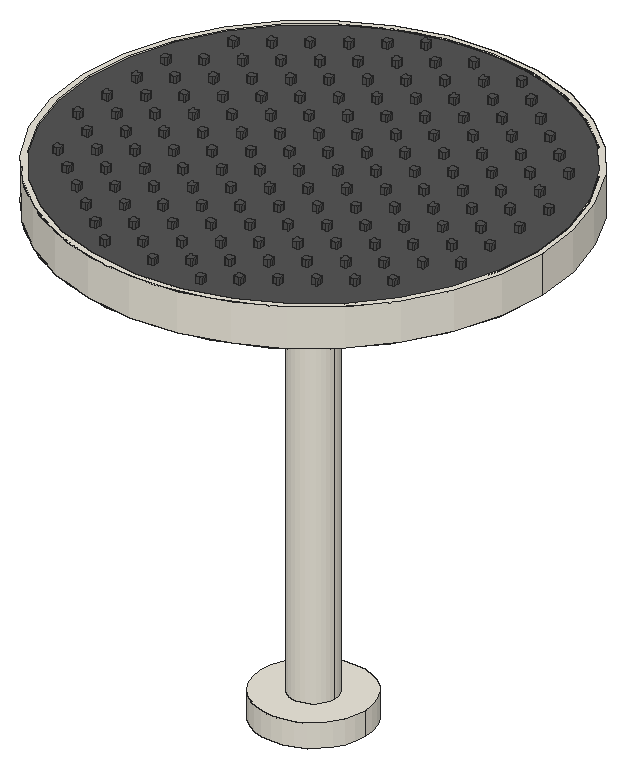
Revit family "Deca_Chuveiro Redondo de Teto_Flex Max_2085-TET", category Plumbing Fixtures, host Face, Revit 2020 (continued)
Lines and regions (m)
  symbolic lines, style "PlumbingFixtures"
    curve 123: line (-0.051947, 0.024249, 0.239079) -> (-0.049049, 0.024249, 0.239003)
    curve 124: line (-0.049049, 0.024249, 0.239003) -> (-0.048832, 0.024249, 0.237331)
    curve 125: line (-0.056732, 0.024249, 0.237333) -> (-0.060179, 0.024249, 0.237334)
    curve 126: line (-0.060179, 0.024249, 0.237334) -> (-0.059847, 0.024249, 0.239082)
    curve 127: line (-0.059847, 0.024249, 0.239082) -> (-0.056949, 0.024249, 0.239006)
    curve 128: line (-0.056949, 0.024249, 0.239006) -> (-0.056732, 0.024249, 0.237333)
    curve 129: line (-0.064632, 0.024249, 0.237336) -> (-0.068079, 0.024249, 0.237337)
    curve 130: line (-0.068079, 0.024249, 0.237337) -> (-0.067747, 0.024249, 0.239084)
    curve 131: line (-0.067747, 0.024249, 0.239084) -> (-0.064849, 0.024249, 0.239008)
    curve 132: line (-0.064849, 0.024249, 0.239008) -> (-0.064632, 0.024249, 0.237336)
    curve 133: line (-0.072532, 0.024249, 0.237338) -> (-0.075979, 0.024249, 0.237339)
    curve 134: line (-0.075979, 0.024249, 0.237339) -> (-0.075647, 0.024249, 0.239087)
    curve 135: line (-0.075647, 0.024249, 0.239087) -> (-0.072749, 0.024249, 0.239011)
    curve 136: line (-0.072749, 0.024249, 0.239011) -> (-0.072532, 0.024249, 0.237338)
    curve 137: line (-0.080432, 0.024249, 0.23734) -> (-0.083879, 0.024249, 0.237341)
    curve 138: line (-0.083879, 0.024249, 0.237341) -> (-0.083547, 0.024249, 0.239088)
    curve 139: line (-0.083547, 0.024249, 0.239088) -> (-0.080649, 0.024249, 0.239013)
    curve 140: line (-0.080649, 0.024249, 0.239013) -> (-0.080432, 0.024249, 0.23734)
    curve 141: line (-0.088331, 0.024249, 0.237343) -> (-0.091778, 0.024249, 0.237344)
    curve 142: line (-0.091778, 0.024249, 0.237344) -> (-0.091446, 0.024249, 0.239092)
    curve 143: line (-0.091446, 0.024249, 0.239092) -> (-0.088548, 0.024249, 0.239016)
    curve 144: line (-0.088548, 0.024249, 0.239016) -> (-0.088331, 0.024249, 0.237343)
    curve 145: arc (0.000397, 0.02087, 0.192928) -> (0.000397, 0.024219, 0.193074) -> (0.000397, 0.027569, 0.19293) r 0.03868
    curve 146: arc (0.000397, 0.005746, 0.217303) -> (0.000397, 0.006026, 0.207837) -> (0.000397, 0.006598, 0.198385) r 0.306482
    curve 147: arc (0.000397, 0.006598, 0.198385) -> (0.000397, 0.007232, 0.19707) -> (0.000397, 0.008591, 0.196537) r 0.001999
    curve 148: arc (0.000397, 0.039806, 0.196542) -> (0.000397, 0.041191, 0.19706) -> (0.000397, 0.041839, 0.198389) r 0.001998
    curve 149: arc (0.000397, 0.041839, 0.198389) -> (0.000397, 0.042408, 0.207844) -> (0.000397, 0.042687, 0.217313) r 0.308933
    curve 150: line (0.000397, -0.085624, 0.218618) -> (0.000397, -0.085936, 0.236275)
    curve 151: line (0.000397, -0.085936, 0.236275) -> (0.000397, 0.13404, 0.23631)
    curve 152: line (0.000397, 0.13404, 0.23631) -> (0.000397, 0.133738, 0.218895)
    curve 153: line (0.000397, 0.133738, 0.218895) -> (0.000397, 0.094436, 0.218116)
    curve 154: line (0.000397, 0.094436, 0.218116) -> (0.000397, 0.065687, 0.217749)
    curve 155: line (0.000397, 0.065687, 0.217749) -> (0.000397, 0.054184, 0.2176)
    curve 156: line (0.000397, 0.054184, 0.2176) -> (0.000397, 0.042651, 0.217512)
    curve 157: line (0.000397, 0.042651, 0.217512) -> (0.000397, 0.005782, 0.217506)
    curve 158: line (0.000397, 0.005782, 0.217506) -> (0.000397, -0.011508, 0.217654)
    curve 159: line (0.000397, -0.011508, 0.217654) -> (0.000397, -0.020138, 0.217782)
    curve 160: line (0.000397, -0.020138, 0.217782) -> (0.000397, -0.028799, 0.217962)
    curve 161: line (0.000397, -0.028799, 0.217962) -> (0.000397, -0.085624, 0.218618)
    curve 162: line (0.000397, 0.015231, 0.193645) -> (0.000397, 0.033205, 0.193648)
    curve 163: line (0.000397, 0.033205, 0.193648) -> (0.000397, 0.035702, 0.192934)
    curve 164: line (0.000397, 0.035702, 0.192934) -> (0.000397, 0.035736, 0.177895)
    curve 165: line (0.000397, 0.035736, 0.177895) -> (0.000397, 0.012699, 0.177891)
    curve 166: line (0.000397, 0.012699, 0.177891) -> (0.000397, 0.012736, 0.192929)
    curve 167: line (0.000397, 0.012736, 0.192929) -> (0.000397, 0.015231, 0.193645)
    curve 168: line (0.000397, 0.015231, 0.193645) -> (0.000397, 0.015231, 0.196105)
    curve 169: line (0.000397, 0.015231, 0.196105) -> (0.000397, 0.024219, 0.196107)
    curve 170: line (0.000397, 0.024219, 0.196107) -> (0.000397, 0.033206, 0.196108)
    curve 171: line (0.000397, 0.033206, 0.196108) -> (0.000397, 0.033206, 0.193647)
    curve 172: line (0.000397, 0.012736, 0.192929) -> (0.000397, 0.02087, 0.19293)
    curve 173: line (0.000397, 0.02087, 0.19293) -> (0.000397, 0.02087, 0.187936)
    curve 174: line (0.000397, 0.02087, 0.187936) -> (0.000397, 0.027569, 0.187937)
    curve 175: line (0.000397, 0.027569, 0.187937) -> (0.000397, 0.027568, 0.19293)
    curve 176: line (0.000397, 0.027568, 0.19293) -> (0.000397, 0.035702, 0.192931)
    curve 177: line (0.000397, 0.008591, 0.196537) -> (0.000397, 0.024154, 0.19654)
    curve 178: line (0.000397, 0.024219, 0.196539) -> (0.000397, 0.039806, 0.196542)
    curve 179: line (0.000397, 0.013924, 0.010999) -> (0.000397, 0.013903, 0.145521)
    curve 180: line (0.000397, 0.013903, 0.145521) -> (0.000397, 0.013898, 0.176522)
    curve 181: line (0.000397, 0.013898, 0.176522) -> (0.000397, 0.013397, 0.177891)
    curve 182: line (0.000397, 0.034574, 0.011002) -> (0.000397, 0.034553, 0.145524)
    curve 183: line (0.000397, 0.034553, 0.145524) -> (0.000397, 0.034548, 0.176525)
    curve 184: line (0.000397, 0.034548, 0.176525) -> (0.000397, 0.035053, 0.177895)
    curve 185: line (0.000397, 0.034548, 0.176525) -> (0.000397, 0.013898, 0.176522)
    curve 186: line (0.000397, 0.088832, 0.236304) -> (0.000397, 0.085387, 0.236304)
    curve 187: line (0.000397, 0.085387, 0.236304) -> (0.000397, 0.085716, 0.238051)
    curve 188: line (0.000397, 0.085716, 0.238051) -> (0.000397, 0.088614, 0.237977)
    curve 189: line (0.000397, 0.088614, 0.237977) -> (0.000397, 0.088832, 0.236304)
    curve 190: line (0.000397, 0.080878, 0.236303) -> (0.000397, 0.077433, 0.236302)
    curve 191: line (0.000397, 0.077433, 0.236302) -> (0.000397, 0.077762, 0.23805)
    curve 192: line (0.000397, 0.077762, 0.23805) -> (0.000397, 0.08066, 0.237975)
    curve 193: line (0.000397, 0.08066, 0.237975) -> (0.000397, 0.080878, 0.236303)
    curve 194: line (0.000397, 0.072924, 0.236302) -> (0.000397, 0.069479, 0.236301)
    curve 195: line (0.000397, 0.069479, 0.236301) -> (0.000397, 0.069808, 0.238048)
    curve 196: line (0.000397, 0.069808, 0.238048) -> (0.000397, 0.072706, 0.237974)
    curve 197: line (0.000397, 0.072706, 0.237974) -> (0.000397, 0.072924, 0.236302)
    curve 198: line (0.000397, 0.06497, 0.2363) -> (0.000397, 0.061525, 0.2363)
    curve 199: line (0.000397, 0.061525, 0.2363) -> (0.000397, 0.061854, 0.238047)
    curve 200: line (0.000397, 0.061854, 0.238047) -> (0.000397, 0.064752, 0.237973)
    curve 201: line (0.000397, 0.064752, 0.237973) -> (0.000397, 0.06497, 0.2363)
    curve 202: line (0.000397, 0.057016, 0.236299) -> (0.000397, 0.053571, 0.236299)
    curve 203: line (0.000397, 0.053571, 0.236299) -> (0.000397, 0.0539, 0.238046)
    curve 204: line (0.000397, 0.0539, 0.238046) -> (0.000397, 0.056798, 0.237972)
    curve 205: line (0.000397, 0.056798, 0.237972) -> (0.000397, 0.057016, 0.236299)
    curve 206: line (0.000397, 0.049062, 0.236298) -> (0.000397, 0.045617, 0.236297)
    curve 207: line (0.000397, 0.045617, 0.236297) -> (0.000397, 0.045946, 0.238045)
    curve 208: line (0.000397, 0.045946, 0.238045) -> (0.000397, 0.048844, 0.23797)
    curve 209: line (0.000397, 0.048844, 0.23797) -> (0.000397, 0.049062, 0.236298)
    curve 210: line (0.000397, 0.041108, 0.236297) -> (0.000397, 0.037663, 0.236296)
    curve 211: line (0.000397, 0.037663, 0.236296) -> (0.000397, 0.037992, 0.238043)
    curve 212: line (0.000397, 0.037992, 0.238043) -> (0.000397, 0.04089, 0.237969)
    curve 213: line (0.000397, 0.04089, 0.237969) -> (0.000397, 0.041108, 0.236297)
    curve 214: line (0.000397, 0.033154, 0.236295) -> (0.000397, 0.029709, 0.236295)
    curve 215: line (0.000397, 0.029709, 0.236295) -> (0.000397, 0.030038, 0.238042)
    curve 216: line (0.000397, 0.030038, 0.238042) -> (0.000397, 0.032936, 0.237968)
    curve 217: line (0.000397, 0.032936, 0.237968) -> (0.000397, 0.033154, 0.236295)
    curve 218: line (0.000397, 0.0252, 0.236294) -> (0.000397, 0.021755, 0.236293)
    curve 219: line (0.000397, 0.021755, 0.236293) -> (0.000397, 0.022084, 0.238041)
    curve 220: line (0.000397, 0.022084, 0.238041) -> (0.000397, 0.024982, 0.237967)
    curve 221: line (0.000397, 0.024982, 0.237967) -> (0.000397, 0.0252, 0.236294)
    curve 222: line (0.000397, 0.017246, 0.236293) -> (0.000397, 0.013801, 0.236292)
    curve 223: line (0.000397, 0.013801, 0.236292) -> (0.000397, 0.01413, 0.238039)
    curve 224: line (0.000397, 0.01413, 0.238039) -> (0.000397, 0.017028, 0.237965)
    curve 225: line (0.000397, 0.017028, 0.237965) -> (0.000397, 0.017246, 0.236293)
    curve 226: line (0.000397, 0.009292, 0.236291) -> (0.000397, 0.005848, 0.236291)
    curve 227: line (0.000397, 0.005848, 0.236291) -> (0.000397, 0.006176, 0.238038)
    curve 228: line (0.000397, 0.006176, 0.238038) -> (0.000397, 0.009074, 0.237964)
    curve 229: line (0.000397, 0.009074, 0.237964) -> (0.000397, 0.009292, 0.236291)
    curve 230: line (0.000397, 0.001338, 0.23629) -> (0.000397, -0.002106, 0.23629)
    curve 231: line (0.000397, -0.002106, 0.23629) -> (0.000397, -0.001778, 0.238037)
    curve 232: line (0.000397, -0.001778, 0.238037) -> (0.000397, 0.00112, 0.237963)
    curve 233: line (0.000397, 0.00112, 0.237963) -> (0.000397, 0.001338, 0.23629)
    curve 234: line (0.000397, -0.006616, 0.236289) -> (0.000397, -0.01006, 0.236288)
    curve 235: line (0.000397, -0.01006, 0.236288) -> (0.000397, -0.009732, 0.238036)
    curve 236: line (0.000397, -0.009732, 0.238036) -> (0.000397, -0.006834, 0.237961)
    curve 237: line (0.000397, -0.006834, 0.237961) -> (0.000397, -0.006616, 0.236289)
    curve 238: line (0.000397, -0.01457, 0.236287) -> (0.000397, -0.018014, 0.236287)
    curve 239: line (0.000397, -0.018014, 0.236287) -> (0.000397, -0.017686, 0.238034)
    curve 240: line (0.000397, -0.017686, 0.238034) -> (0.000397, -0.014788, 0.23796)
    curve 241: line (0.000397, -0.014788, 0.23796) -> (0.000397, -0.01457, 0.236287)
    curve 242: line (0.000397, -0.022524, 0.236286) -> (0.000397, -0.025968, 0.236286)
    curve 243: line (0.000397, -0.025968, 0.236286) -> (0.000397, -0.02564, 0.238033)
    curve 244: line (0.000397, -0.02564, 0.238033) -> (0.000397, -0.022742, 0.237959)
    curve 245: line (0.000397, -0.022742, 0.237959) -> (0.000397, -0.022524, 0.236286)
    curve 246: line (0.000397, -0.030478, 0.236285) -> (0.000397, -0.033922, 0.236284)
    curve 247: line (0.000397, -0.033922, 0.236284) -> (0.000397, -0.033594, 0.238032)
    curve 248: line (0.000397, -0.033594, 0.238032) -> (0.000397, -0.030696, 0.237957)
    curve 249: line (0.000397, -0.030696, 0.237957) -> (0.000397, -0.030478, 0.236285)
    curve 250: line (0.000397, -0.038432, 0.236284) -> (0.000397, -0.041876, 0.236283)
    curve 251: line (0.000397, -0.041876, 0.236283) -> (0.000397, -0.041548, 0.23803)
    curve 252: line (0.000397, -0.041548, 0.23803) -> (0.000397, -0.03865, 0.237956)
    curve 253: line (0.000397, -0.03865, 0.237956) -> (0.000397, -0.038432, 0.236284)
    curve 254: line (0.000397, 0.049248, 0.000004) -> (0.000397, -0.000749, -0.000004)
    curve 255: line (0.000397, -0.000749, -0.000004) -> (0.000397, -0.000751, 0.010997)
    curve 256: line (0.000397, -0.000751, 0.010997) -> (0.000397, 0.049246, 0.011005)
    curve 257: line (0.000397, 0.049246, 0.011005) -> (0.000397, 0.049248, 0.000004)
    curve 258: circle (0.000397, 0.024249, 0) r 0.11 normal (0, 0, 1)
    curve 259: circle (0.000397, 0.024249, 0) r 0.025 normal (0, 0, 1)
    curve 260: circle (0.000397, 0.024249, 0) r 0.010302 normal (0, 0, 1)
    curve 261: line (0.000397, -0.046386, 0.236282) -> (0.000397, -0.04983, 0.236282)
    curve 262: line (0.000397, -0.04983, 0.236282) -> (0.000397, -0.049502, 0.238029)
    curve 263: line (0.000397, -0.049502, 0.238029) -> (0.000397, -0.046604, 0.237955)
    curve 264: line (0.000397, -0.046604, 0.237955) -> (0.000397, -0.046386, 0.236282)
    curve 265: line (0.000397, -0.05434, 0.236281) -> (0.000397, -0.057784, 0.23628)
    curve 266: line (0.000397, -0.057784, 0.23628) -> (0.000397, -0.057456, 0.238028)
    curve 267: line (0.000397, -0.057456, 0.238028) -> (0.000397, -0.054558, 0.237953)
    curve 268: line (0.000397, -0.054558, 0.237953) -> (0.000397, -0.05434, 0.236281)
    curve 269: line (0.000397, -0.062294, 0.23628) -> (0.000397, -0.065738, 0.236279)
    curve 270: line (0.000397, -0.065738, 0.236279) -> (0.000397, -0.06541, 0.238026)
    curve 271: line (0.000397, -0.06541, 0.238026) -> (0.000397, -0.062512, 0.237952)
    curve 272: line (0.000397, -0.062512, 0.237952) -> (0.000397, -0.062294, 0.23628)
    curve 273: line (0.000397, 0.112694, 0.236307) -> (0.000397, 0.109249, 0.236306)
    curve 274: line (0.000397, 0.109249, 0.236306) -> (0.000397, 0.109578, 0.238053)
    curve 275: line (0.000397, 0.109578, 0.238053) -> (0.000397, 0.112476, 0.237979)
    curve 276: line (0.000397, 0.112476, 0.237979) -> (0.000397, 0.112694, 0.236307)
    curve 277: line (0.000397, 0.10474, 0.236305) -> (0.000397, 0.101295, 0.236305)
    curve 278: line (0.000397, 0.101295, 0.236305) -> (0.000397, 0.101624, 0.238052)
    curve 279: line (0.000397, 0.101624, 0.238052) -> (0.000397, 0.104522, 0.237978)
    curve 280: line (0.000397, 0.104522, 0.237978) -> (0.000397, 0.10474, 0.236305)
    curve 281: line (0.000397, 0.096786, 0.236304) -> (0.000397, 0.093341, 0.236304)
    curve 282: line (0.000397, 0.093341, 0.236304) -> (0.000397, 0.09367, 0.238051)
    curve 283: line (0.000397, 0.09367, 0.238051) -> (0.000397, 0.096568, 0.237977)
    curve 284: line (0.000397, 0.096568, 0.237977) -> (0.000397, 0.096786, 0.236304)
Dimensions and locks (m)
  aligned and locked: plane 2 to host face
  aligned and locked: level to host face
Connectors (m)
  piping at (0.000397, 0.024249, 0), diameter 0.015, driven by "Raio Água Fria"
    settings: on host face, index 1, connector inside diameter 24", connector length 0.00 m, flow factor 0, pipe flow 0 GPM, pressure drop 0.00 psi, fitting loss kfactor 0, connector angle 0.00°, fixture units 0, engagement length 0.00 m, angle of deflection 0.00°, flow configuration 3, flow direction 1, fitting loss method 4, system type 29, joint type 0, gender type 0, connector reference index -1, connector utility 0, adjustable connector no, is connector primary yes, connector description ""
Types (3, lengths in m): name | Model | Material | Description | Cor Principal
  2085.C.TET_Cromado | "2085.C.TET" | Deca_Cromado | "CHUVEIRO DE TETO REDONDO CR (220mm)" | "Cromado"
  2085.BL.TET.MT_Black Matte | "2085.BL.TET.MT" | Deca_Black Matte | "CHUVEIRO DE TETO REDONDO BL MT (220mm)" | "Black Matte"
  2085.SM.TET.MT_Summer Gold | "2085.SM.TET.MT" | Deca_Summer Gold | "CHUVEIRO DE TETO REDONDO SM MT (220mm)" | "Summer Gold"
